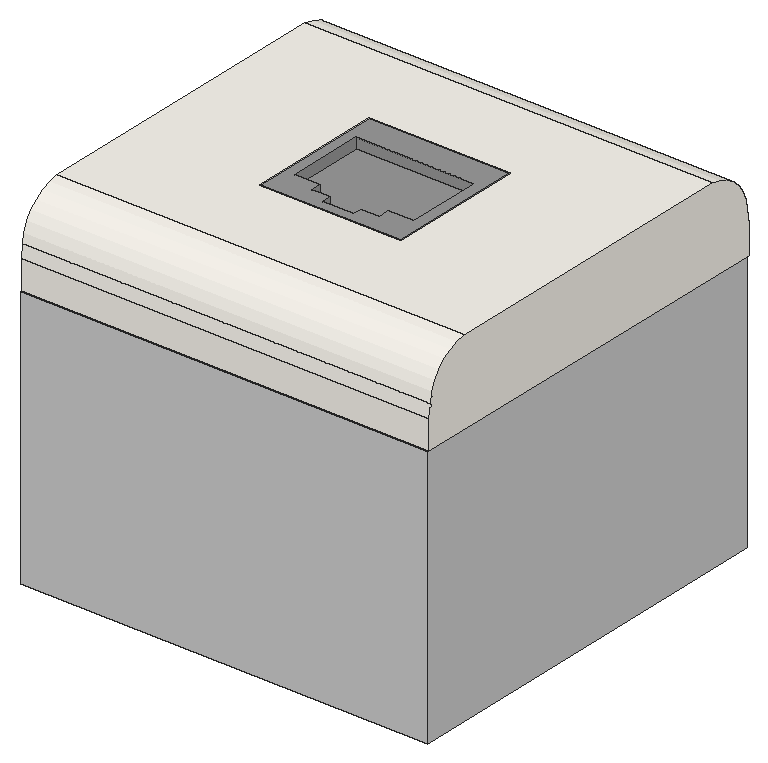
Revit family "Domotics-DomesticRanges-GEWISS-CHORUS_DATA-SOCKET-OUTLET_RJ11_2M", category Apparecchi elettrici, host Superficie, Revit 2016
Family settings
  Host = Superficie
  Mantenere orientamento annotazione = Sì
  Tipo di parte = Normale
  Quota connettore circolare = Usa diametro
  Numero OmniClass = 23.80.50.14
  Titolo OmniClass = Plug Connectors
  Taglio con vuoti quando caricato = Sì
  Condiviso = Sì
  Punto di calcolo locali = Sì
Parameters (values of type "GW14409 - TELEPHONE CONNECTOR RJ11 2M TITANIUM")
  Volt = 230 V
  Vista di pianta [instance] = yes
  Version file RFA = "19.0"
  URL = "https://www.gewiss.com/ww/en"
  Tipo = CHORUS PRESE RJ11_BASE : TITANIO
  Technical sheet = "https://www.gewiss.com/ww/en/search?q=GW14409"
  Simbolo = SIMBOLO PRESE TELEFONO : PRESA TEL
  SIMBOLO [instance] = yes
  Realized by GEWISS S.p.A. = ""
  Produttore = "GEWISS S.p.A."
  Offset pulsante [instance] = 0 mm
  N. poli = 1
  Modello = "GW14409"
  IFC.TypeObject = ""
  IFC.ExportType = ""
  IFC.ExportAs = ""
  Offset bidimensionale7 = 2 mm  # constant formula
  Larghezza presa = 46 mm
  IDT = "580700dd-a6fb-4dbd-ab20-41a3a807ffa7"
  IDF = "bd7f6670-6fad-444b-86b0-eef888e40e5d"
  Electrocod = "0131                "
  EAN code = "8011564823785"
  Distanza_x [instance] = 100 mm
  Distanza_effettiva_x [instance] = 1500 mm - Distanza_x  # 1400 mm
  Default Elevation = 1219.2 mm
  Immagine tipo = GW14409.jpg
  Descrizione = "TELEPHONE CONNECTOR RJ11 2M TITANIUM"
  Catalogue Range = "CHORUS - DOMESTIC RANGE"
  Catalogue = "DOMOTICS"
  Carico apparente = 0 VA
  COBie.Tagnumber = ""
  COBie.CreatedOn = ""
  COBie.CreatebBy = ""
  COBie.ComponentRegisterItemID = ""
  COBie.Component.TagNumber = ""
  COBie.Component.Space = ""
  COBie.Component.SerialNumber = ""
  COBie.Component.InstallationDate = ""
  COBie.Component.Description = ""
  COBie.Component.BarCode = ""
Types (3, lengths in mm): name | Tipo | Technical sheet | Modello | IDT | EAN code | Distanza_x | Distanza_effettiva_x | Immagine tipo | Descrizione
  GW10409 - TELEPHONE CONNECTOR RJ11 2M WHITE | CHORUS PRESE RJ11_BASE : BIANCO | "https://www.gewiss.com/ww/en/search?q=GW10409" | "GW10409" | "736bdd43-3681-4faf-a60e-17fe87897471" | "8011564823761" | 0 | 1500 | GW10409.jpg | "TELEPHONE CONNECTOR RJ11 2M WHITE"
  GW12409 - TELEPHONE CONNECTOR RJ11 2M BLACK | CHORUS PRESE RJ11_BASE : NERO | "https://www.gewiss.com/ww/en/search?q=GW12409" | "GW12409" | "44201a6c-0e94-479d-b3d3-28de4391e7a8" | "8011564823778" | 100 | 1400 | GW12409.jpg | "TELEPHONE CONNECTOR RJ11 2M BLACK"
  GW14409 - TELEPHONE CONNECTOR RJ11 2M TITANIUM | CHORUS PRESE RJ11_BASE : TITANIO | "https://www.gewiss.com/ww/en/search?q=GW14409" | "GW14409" | "580700dd-a6fb-4dbd-ab20-41a3a807ffa7" | "8011564823785" | 100 | 1400 | GW14409.jpg | "TELEPHONE CONNECTOR RJ11 2M TITANIUM"
Reference planes
  plane 1 "Centro (Fronte/Retro)": y = 0
  plane 2: z = 0
  plane 3 "Centro (Sinistra/Destra)": x = 0
  plane 4: z = 0
  plane 5 "piano bidimensionale": z = 41
  plane 6: x = -23
  plane 7: x = 23
  plane 8: z = 39
  plane 9: x = -1500
  plane 10: x = -100
Lines and regions (mm)
  Masking region 1, visible <- "Vista di pianta"
    outline origin (0, 0, 0) x (1, 0, 0) y (0, 0, 1)
      loop
        line (-23, 39) -> (-23, 0) -> (0, 0) -> (0, 39) -> (-23, 39)
  Masking region 2, visible <- "Vista di pianta"
    outline origin (0, 0, 41) x (0, -1, 0) y (1, 0, 0)
      loop
        line (-22.5, -23) -> (22.5, -23) -> (22.5, 22.931) -> (-22.5, 22.931) -> (-22.5, -23)
  Masking region 3, visible <- "Vista di pianta"
    outline origin (0, 0, 0) x (0, 1, 0) y (0, 0, 1)
      loop
        line (22.5, 0) -> (22.5, 39) -> (-22.5, 39) -> (-22.5, 0) -> (22.5, 0)
  model lines, style "pulsanti", detail levels coarse
    curve 1: line (-23, 22.5, 41) -> (22.931, 22.5, 41)
    curve 2: line (-23, -22.5, 41) -> (-23, 22.5, 41)
    curve 3: line (22.931, -22.5, 41) -> (-23, -22.5, 41)
    curve 4: line (22.931, 22.5, 41) -> (22.931, -22.5, 41)
    curve 5: line (7.931, 7.708, 41) -> (-7.931, 7.708, 41)
    curve 6: line (-7.931, 7.708, 41) -> (-7.931, -7.708, 41)
    curve 7: line (-7.931, -7.708, 41) -> (7.931, -7.708, 41)
    curve 8: line (7.931, -7.708, 41) -> (7.931, 7.708, 41)
    curve 9: line (-6.696, 4.341, 41) -> (6.696, 4.341, 41)
    curve 10: line (6.696, 4.341, 41) -> (6.696, -4.347, 41)
    curve 11: line (6.696, -4.347, 41) -> (3.825, -4.347, 41)
    curve 12: line (3.825, -4.347, 41) -> (3.825, -5.557, 41)
    curve 13: line (3.825, -5.557, 41) -> (1.773, -5.557, 41)
    curve 14: line (1.773, -5.557, 41) -> (1.773, -6.557, 41)
    curve 15: line (1.773, -6.557, 41) -> (-1.773, -6.557, 41)
    curve 16: line (-1.773, -6.557, 41) -> (-1.773, -5.557, 41)
    curve 17: line (-1.773, -5.557, 41) -> (-3.825, -5.557, 41)
    curve 18: line (-3.825, -5.557, 41) -> (-3.825, -4.344, 41)
    curve 19: line (-3.825, -4.344, 41) -> (-6.696, -4.344, 41)
    curve 20: line (-6.696, -4.344, 41) -> (-6.696, 4.341, 41)
  model lines, style "pulsanti", not visible, detail levels coarse
    curve 21: line (-23, 22.5, 60) -> (22.931, 22.5, 60)
    curve 22: line (-23, -22.5, 60) -> (-23, 22.5, 60)
    curve 23: line (22.931, -22.5, 60) -> (-23, -22.5, 60)
    curve 24: line (22.931, 22.5, 60) -> (22.931, -22.5, 60)
    curve 25: line (7.931, 7.708, 60) -> (-7.931, 7.708, 60)
    curve 26: line (-7.931, 7.708, 60) -> (-7.931, -7.708, 60)
    curve 27: line (-7.931, -7.708, 60) -> (7.931, -7.708, 60)
    curve 28: line (7.931, -7.708, 60) -> (7.931, 7.708, 60)
    curve 29: line (-6.696, 4.341, 60) -> (6.696, 4.341, 60)
    curve 30: line (6.696, 4.341, 60) -> (6.696, -4.347, 60)
    curve 31: line (6.696, -4.347, 60) -> (3.825, -4.347, 60)
    curve 32: line (3.825, -4.347, 60) -> (3.825, -5.557, 60)
    curve 33: line (3.825, -5.557, 60) -> (1.773, -5.557, 60)
    curve 34: line (1.773, -5.557, 60) -> (1.773, -6.557, 60)
    curve 35: line (1.773, -6.557, 60) -> (-1.773, -6.557, 60)
    curve 36: line (-1.773, -6.557, 60) -> (-1.773, -5.557, 60)
    curve 37: line (-1.773, -5.557, 60) -> (-3.825, -5.557, 60)
    curve 38: line (-3.825, -5.557, 60) -> (-3.825, -4.344, 60)
    curve 39: line (-3.825, -4.344, 60) -> (-6.696, -4.344, 60)
    curve 40: line (-6.696, -4.344, 60) -> (-6.696, 4.341, 60)
Dimensions and locks
  "Offset pulsante": plane 4 to host face
  equal spacing: plane 6, plane 3 "Centro (Sinistra/Destra)", plane 7
  "Larghezza presa": plane 6 to plane 7
  locked: plane 8 to plane 4 at 39
  plane 9 to plane 3 "Centro (Sinistra/Destra)" = 1500 mm
  "Distanza_effettiva_x": plane 9 to plane 10
  "Offset bidimensionale7": plane 5 "piano bidimensionale" to plane 8
  aligned and locked: plane 2 to host face
  aligned and locked: level to host face
  aligned and locked: plane 1 "Centro (Fronte/Retro)" to nested 1
  aligned and locked: nested 1 to plane 4  (x3)
  aligned and locked: plane 6 to Masking region 1 sketch curve
  aligned and locked: plane 4 to Masking region 1 sketch curve
  aligned and locked: Masking region 1 sketch curve to plane 8
  aligned and locked: plane 10 to nested 2
  aligned and locked: Masking region 2 sketch curve to curve 1
  aligned and locked: Masking region 2 sketch curve to curve 2
  aligned and locked: Masking region 2 sketch curve to curve 3
  aligned and locked: Masking region 2 sketch curve to curve 4
  aligned and locked: plane 5 "piano bidimensionale" to curve 3
  aligned and locked: nested 1 to plane 8
  aligned and locked: plane 8 to nested 1  (x2)
  aligned and locked: Masking region 1 to plane 4
  aligned and locked: plane 5 "piano bidimensionale" to curve 4
  aligned and locked: Masking region 3 sketch curve to nested 1  (x2)
  aligned and locked: Masking region 3 sketch curve to plane 8
  aligned and locked: plane 4 to Masking region 3 sketch curve
Automatic sketch dimensions
  host sketch curve to host sketch curve = 2438.4 mm  (x2)
  Masking region 1 sketch curve to plane 3 "Centro (Sinistra/Destra)" = 0 mm
  curve 5 to curve 9 = 3.367 mm
  curve 9 to curve 18 = 8.685 mm
  curve 18 to curve 12 = 0.003 mm
  curve 18 to curve 17 = 1.213 mm
  curve 11 to curve 14 = 1.21 mm
  curve 16 to curve 15 = 1 mm
  curve 10 to curve 7 = 3.361 mm
  curve 6 to curve 3 = 14.792 mm
  curve 2 to curve 6 = 15.069 mm
  curve 6 to curve 20 = 1.235 mm
  curve 19 to curve 18 = 2.87 mm
  curve 17 to curve 15 = 2.053 mm
  curve 15 to curve 14 = 3.545 mm
  curve 13 to curve 12 = 2.053 mm
  curve 11 to curve 10 = 2.87 mm
  curve 10 to curve 8 = 1.235 mm
  curve 7 to curve 3 = 15 mm
  curve 25 to curve 29 = 3.367 mm
  curve 29 to curve 38 = 8.685 mm
  curve 38 to curve 32 = 0.003 mm
  curve 38 to curve 37 = 1.213 mm
  curve 31 to curve 34 = 1.21 mm
  curve 36 to curve 35 = 1 mm
  curve 30 to curve 27 = 3.361 mm
  curve 26 to curve 23 = 14.792 mm
  curve 22 to curve 26 = 15.069 mm
  curve 26 to curve 40 = 1.235 mm
  curve 39 to curve 38 = 2.87 mm
  curve 37 to curve 35 = 2.053 mm
  curve 35 to curve 34 = 3.545 mm
  curve 33 to curve 32 = 2.053 mm
  curve 31 to curve 30 = 2.87 mm
  curve 30 to curve 28 = 1.235 mm
  curve 27 to curve 23 = 15 mm
  curve 1 to curve 6 = 14.792 mm
  curve 21 to curve 26 = 14.792 mm
Nested families
  nested 1: "CHORUS PRESE RJ11_BASE" at (0, 0, 0), type <- "Tipo", type "TITANIO", detail levels medium+fine
  nested 2: "SIMBOLO PRESE TELEFONO" at (-100, 100, 0), type <- "Simbolo", SIMBOLO <- "SIMBOLO", visible <- "SIMBOLO", type "PRESA TEL"
    with TESTO ELETTRICO "TP", Distanza dal muro 4.208 mm, BORDO ACCESO yes
Connectors
  electrical at (0, -0.156, 0), driven by "N. poli", driven by "Volt", driven by "Carico apparente"
    settings: on nested 1, index 1, voltage 230 V, apparent load 0 VA, apparent load phase1 0 VA, apparent load phase2 0 VA, apparent load phase3 0 VA, power factor 1, load classification "Other", number of poles 1, system type 31, power factor state 1, is connector primary yes, connector utility no, sub classification motor no, connector description ""
Definition of nested family "CHORUS PRESE RJ11_BASE"
  Parameters (values of type "TITANIO")
    Elemento acciaio = none
    Supporto = none
    Struttura = none
    Pulsante = none
    Profondità suporto = 15.673 mm
    Larghezza pulsante = 46 mm
    Bidimensionale = 36.414 mm
    Altezza pulsante = 45 mm
  Types (3): name
    BIANCO
    NERO
    TITANIO
  Reference planes
    plane 1 "Centro (Fronte/Retro)": y = 0
    plane 2: z = 0
    plane 3 "Centro (Sinistra/Destra)": x = 0
    plane 4: y = -22.5
    plane 5: y = 22.5
    plane 6 "PIANO BIDIMENSIONALE": z = 36.414
    plane 7: z = 29.457
    plane 8: z = 39
    plane 9: z = 37
  Forms (mm)
    Extrusion 1, solid, material <- "Pulsante"
      sketch origin (0, 0, -13.506) x (0, 1, 0) y (0, 0, 1)
        loop
          arc (-17.507, 52.506) -> (-20.777, 50.977) -> (-22.34, 47.722) r 5.368
          line (-22.34, 47.722) -> (-22.5, 46.196) -> (-22.5, 42.963) -> (22.5, 42.963) -> (22.5, 46.196) -> (22.34, 47.722)
          arc (22.34, 47.722) -> (20.777, 50.977) -> (17.507, 52.506) r 5.368
          line (17.507, 52.506) -> (-17.507, 52.506)
      from -23 to 23
    Extrusion 2, void
      sketch origin (0, 0, 36.414) x (-1, 0, 0) y (0, -1, 0)
        loop
          line (7.931, -7.708) -> (7.931, 7.708) -> (-7.931, 7.708) -> (-7.931, -7.708) -> (7.931, -7.708)
      from 0.586 to 2.826
    Extrusion 3, solid, material <- "Elemento acciaio"
      sketch origin (0, 0, 36.414) x (-1, 0, 0) y (0, -1, 0)
        loop
          line (7.931, -7.708) -> (7.931, 7.708) -> (-7.931, 7.708) -> (-7.931, -7.708) -> (7.931, -7.708)
        loop
          line (1.773, 5.557) -> (1.773, 6.557) -> (-1.773, 6.557) -> (-1.773, 5.557) -> (-3.825, 5.557) -> (-3.825, 4.347) -> (-6.696, 4.347) -> (-6.696, -4.341) -> (6.696, -4.341) -> (6.696, 4.344) -> (3.825, 4.344) -> (3.825, 5.557) -> (1.773, 5.557)
      from 0.586 to 2.586
    Extrusion 4, solid, material <- "Elemento acciaio", detail levels medium+fine
      sketch origin (0, 0, 36.414) x (-1, 0, 0) y (0, -1, 0)
        loop
          line (7.931, -7.708) -> (7.931, 7.708) -> (-7.931, 7.708) -> (-7.931, -7.708) -> (7.931, -7.708)
      from 1.416 to 0
    Extrusion 5, solid, material <- "Supporto"
      sketch origin (0, -0.156, 0) x (0, 1, 0) y (0, 0, 1)
        loop
          line (-22.5, 0) -> (22.5, 0) -> (22.5, 29.457) -> (-22.5, 29.457) -> (-22.5, 0)
      from -23 to 23
  Cuts and joins
    Extrusion 2 cuts Extrusion 1
  Lines and regions (mm)
    Masking region 1
      outline origin (0, 0, 36.414) x (-1, 0, 0) y (0, -1, 0)
        loop
          line (-7.931, -7.708) -> (7.931, -7.708) -> (7.931, 7.708) -> (-7.931, 7.708) -> (-7.931, -7.708)
        loop
          line (6.696, -4.341) -> (6.696, 4.344) -> (3.825, 4.344) -> (3.825, 5.557) -> (1.773, 5.557) -> (1.773, 6.557) -> (-1.773, 6.557) -> (-1.773, 5.557) -> (-3.825, 5.557) -> (-3.825, 4.347) -> (-6.696, 4.347) -> (-6.696, -4.341) -> (6.696, -4.341)
    Masking region 2
      outline origin (0, 0, 36.414) x (-1, 0, 0) y (0, -1, 0)
        loop
          line (7.931, -7.708) -> (7.931, 7.708) -> (-7.931, 7.708) -> (-7.931, -7.708) -> (7.931, -7.708)
        loop
          line (-6.696, -4.341) -> (6.696, -4.341) -> (6.696, 4.344) -> (3.825, 4.344) -> (3.825, 5.557) -> (1.773, 5.557) -> (1.773, 6.557) -> (-1.773, 6.557) -> (-1.773, 5.557) -> (-3.825, 5.557) -> (-3.825, 4.347) -> (-6.696, 4.347) -> (-6.696, -4.341)
  Dimensions and locks
    equal spacing: plane 4, plane 1 "Centro (Fronte/Retro)", plane 5
    plane 4 to plane 5 = 45 mm
    equal spacing: plane 5, plane 1 "Centro (Fronte/Retro)", plane 4
    "Altezza pulsante": plane 5 to plane 4
    "Bidimensionale": plane 6 "PIANO BIDIMENSIONALE" to level
    plane 1 "Centro (Fronte/Retro)" to Extrusion 3 = 7.708 mm
    level to plane 8 = 39 mm
    locked: plane 7 to plane 8 at 9.543
    locked: plane 9 to plane 8 at 2
    aligned and locked: level to plane 2
    aligned and locked: plane 7 to Extrusion 5
    aligned and locked: Extrusion 3 to plane 8
    aligned and locked: Extrusion 1 sketch curve to plane 8
    aligned and locked: plane 9 to Extrusion 3
    aligned and locked: plane 8 to Extrusion 3  (x2)
  Automatic sketch dimensions
    Extrusion 2 sketch curve to plane 1 "Centro (Fronte/Retro)" = 7.708 mm
    plane 1 "Centro (Fronte/Retro)" to Extrusion 2 sketch curve = 7.708 mm
    Extrusion 3 sketch curve to Extrusion 3 sketch curve = 2.87 mm
    plane 3 "Centro (Sinistra/Destra)" to Extrusion 3 sketch curve = 1.773 mm
    Extrusion 3 sketch curve to plane 3 "Centro (Sinistra/Destra)" = 1.773 mm
    Extrusion 3 sketch curve to Extrusion 3 sketch curve = 2.053 mm  (x2)
    Extrusion 3 sketch curve to plane 1 "Centro (Fronte/Retro)" = 7.708 mm
    Extrusion 3 sketch curve to Extrusion 3 sketch curve = 3.367 mm
    plane 1 "Centro (Fronte/Retro)" to Extrusion 3 sketch curve = 4.344 mm
    plane 1 "Centro (Fronte/Retro)" to Extrusion 3 sketch curve = 4.347 mm
    Extrusion 3 sketch curve to Extrusion 3 sketch curve = 1.21 mm
    Extrusion 3 sketch curve to Extrusion 3 sketch curve = 1.213 mm
    Extrusion 3 sketch curve to Extrusion 3 sketch curve = 3.361 mm
    Extrusion 3 sketch curve to Extrusion 3 sketch curve = 1 mm
    Extrusion 4 sketch curve to plane 1 "Centro (Fronte/Retro)" = 7.708 mm
    plane 1 "Centro (Fronte/Retro)" to Extrusion 4 sketch curve = 7.708 mm
    plane 1 "Centro (Fronte/Retro)" to Masking region 1 sketch curve = 7.708 mm
    Masking region 1 sketch curve to Masking region 1 sketch curve = 2.87 mm  (x2)
    plane 3 "Centro (Sinistra/Destra)" to Masking region 1 sketch curve = 1.773 mm
    Masking region 1 sketch curve to plane 3 "Centro (Sinistra/Destra)" = 1.773 mm
    Masking region 1 sketch curve to Masking region 1 sketch curve = 2.053 mm  (x2)
    Masking region 1 sketch curve to Masking region 1 sketch curve = 3.367 mm
    plane 1 "Centro (Fronte/Retro)" to Masking region 1 sketch curve = 4.344 mm
    plane 1 "Centro (Fronte/Retro)" to Masking region 1 sketch curve = 4.347 mm
    Masking region 1 sketch curve to Masking region 1 sketch curve = 1.213 mm
    Masking region 1 sketch curve to Masking region 1 sketch curve = 1.21 mm
    Masking region 1 sketch curve to Masking region 1 sketch curve = 1 mm
    plane 1 "Centro (Fronte/Retro)" to Masking region 2 sketch curve = 7.708 mm
    Masking region 2 sketch curve to Masking region 2 sketch curve = 2.87 mm  (x2)
    plane 3 "Centro (Sinistra/Destra)" to Masking region 2 sketch curve = 1.773 mm
    Masking region 2 sketch curve to plane 3 "Centro (Sinistra/Destra)" = 1.773 mm
    Masking region 2 sketch curve to Masking region 2 sketch curve = 2.053 mm  (x2)
    Masking region 2 sketch curve to Masking region 2 sketch curve = 3.367 mm
    plane 1 "Centro (Fronte/Retro)" to Masking region 2 sketch curve = 4.344 mm
    plane 1 "Centro (Fronte/Retro)" to Masking region 2 sketch curve = 4.347 mm
    Masking region 2 sketch curve to Masking region 2 sketch curve = 1.213 mm
    Masking region 2 sketch curve to Masking region 2 sketch curve = 1.21 mm
    Masking region 2 sketch curve to Masking region 2 sketch curve = 1 mm
    Extrusion 5 sketch curve to plane 4 = 0.156 mm
    Extrusion 5 sketch curve to level = 0 mm
    Extrusion 5 sketch curve to plane 5 = 0.156 mm
    level to Extrusion 5 sketch curve = 29.457 mm
    Extrusion 1 sketch curve to plane 4 = 0 mm
    Extrusion 1 sketch curve to plane 5 = 0 mm
    plane 4 to Extrusion 1 sketch curve = 0.16 mm
    Extrusion 1 sketch curve to plane 5 = 0.16 mm
    Extrusion 1 sketch curve to Extrusion 1 sketch curve = 3.233 mm
    Extrusion 1 sketch curve to Extrusion 1 sketch curve = 0.965 mm  (x2)
    Extrusion 1 sketch curve to Extrusion 1 sketch curve = 1.526 mm  (x2)
    Masking region 1 sketch curve to Masking region 1 sketch curve = 1.235 mm  (x2)
    plane 7 to Extrusion 1 sketch curve = 0 mm
    plane 4 to Extrusion 1 sketch curve = 4.993 mm
    Extrusion 1 sketch curve to plane 6 "PIANO BIDIMENSIONALE" = 2.758 mm
    Extrusion 1 sketch curve to Extrusion 1 sketch curve = 5.339 mm
    Masking region 1 sketch curve to plane 1 "Centro (Fronte/Retro)" = 4.341 mm
    Masking region 2 sketch curve to plane 1 "Centro (Fronte/Retro)" = 4.341 mm
    plane 3 "Centro (Sinistra/Destra)" to Extrusion 2 sketch curve = 7.931 mm
    Extrusion 3 sketch curve to Extrusion 3 sketch curve = 1.235 mm  (x2)
    plane 3 "Centro (Sinistra/Destra)" to Extrusion 4 sketch curve = 7.931 mm
    Masking region 2 sketch curve to Masking region 2 sketch curve = 1.235 mm  (x2)
    Extrusion 2 sketch curve to plane 3 "Centro (Sinistra/Destra)" = 7.931 mm
    Extrusion 3 sketch curve to plane 3 "Centro (Sinistra/Destra)" = 6.696 mm
    Extrusion 4 sketch curve to plane 3 "Centro (Sinistra/Destra)" = 7.931 mm
Definition of nested family "SIMBOLO PRESE TELEFONO"
  Parameters (values of type "PRESA TEL")
    TESTO ELETTRICO [instance] = "TXT"
    Simbolo = SIMBOLO PRESE TELEFONO_BASE : PRESA
    SIMBOLO [instance] = yes
    Distanza dal muro [instance] = 4.208 mm
    BORDO ACCESO [instance] = yes
  Reference planes
    plane 1: y = 0
    plane 2: x = 0
  Dimensions and locks
    aligned and locked: plane 2 to nested 1
    aligned and locked: plane 1 to nested 1
  Nested families
    nested 1: "SIMBOLO PRESE TELEFONO_BASE" at (0, 0, 0), TESTO ELETTRICO <- "TESTO ELETTRICO", BORDO ACCESO <- "BORDO ACCESO", type <- "Simbolo", visible <- "SIMBOLO", type "PRESA"
      with TESTO ELETTRICO "TXT", BORDO ACCESO yes
  Definition of nested family "SIMBOLO PRESE TELEFONO_BASE"
    Parameters (values of type "PRESA")
      TESTO ELETTRICO [instance] = "TXT"
      Distanza dal muro = 4.208 mm
      BORDO ACCESO [instance] = yes
    Reference planes
      plane 1: y = 0
      plane 2: x = 0
    Lines and regions (mm)
      detail lines, visible <- "BORDO ACCESO", not visible
        curve 1: line (-1.743, 9.208, 0) -> (2.057, 9.208, 0)
        curve 2: line (2.057, 9.208, 0) -> (2.057, 4.208, 0)
        curve 3: line (2.057, 4.208, 0) -> (-1.743, 4.208, 0)
        curve 4: line (-1.743, 4.208, 0) -> (-1.743, 9.208, 0)
        curve 5: line (-1.543, 9.008, 0) -> (1.857, 9.008, 0)
        curve 6: line (1.857, 9.008, 0) -> (1.857, 4.408, 0)
        curve 7: line (1.857, 4.408, 0) -> (-1.543, 4.408, 0)
        curve 8: line (-1.543, 4.408, 0) -> (-1.543, 9.008, 0)
      detail lines
        curve 9: line (0.851, 1.172, 0) -> (-0.851, 1.172, 0)
        curve 10: line (0, 1.172, 0) -> (0, 0.32, 0)
        curve 11: line (-0.851, 2.023, 0) -> (-0.851, 1.172, 0)
        curve 12: line (0.851, 2.023, 0) -> (0.851, 1.172, 0)
    Text (mm)
      label "TXT" at (0.016, 1.658, 0), shows "TESTO ELETTRICO"
